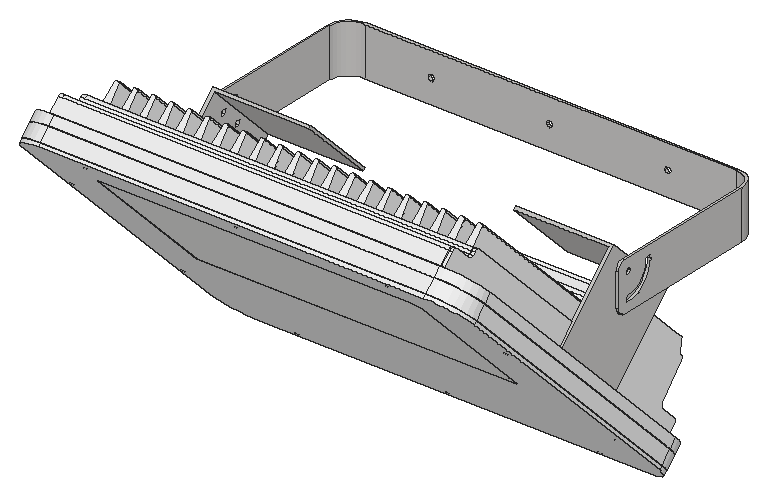
Revit family "FT ATEX LED MAX_2021", category Luminarias, Revit 2021 (continued)
Types (12, lengths in mm): name | Wattage | Power | Position | Archivo de red fotométrica | built-in parameter 1150142 | Modules | Lumens | built-in parameter 1150105 | built-in parameter 1150106 | Equiv MH
    5244.071\t5048.3585\t4556.5132\t3798.8748\r\n2895.9476\t2015.4548\t1387.0807\t999.5015\t747.81\t577.0957\t0\t0\t0\t0\r\n0\t0\t0\t0\t0\t0\t0\t0\t0\t0\r\n0\t0\t0\t0\t0\t0\t0\t0\t0\t0\r\n0\t0\t0\t0\t0\t0\t0\t0\t0\t0\r\n0\t0\t0\t0\t0\t0\t0\t0\t0\t0\r\n0\r\n1590.485\t1584.9299\t1584.9299\t1590.485\t1597.9631\t1608.6461\t1614.415\t1629.7985\t1637.2766\t1647.9596\r\n1656.9333\t1670.8212\t1697.1014\t1732.9963\t1785.343\t1848.3727\t1926.1449\t2002.4215\t2079.3391\t2162.0255\r\n2243.8573\t2331.4579\t2414.999\t2507.5138\t2604.0881\t2722.6694\t2849.5834\t3010.0421\t3200.8405\t3432.4479\r\n3709.1376\t4000.5698\t4309.3085\t4628.5166\t4947.7246\t5212.2357\t5287.444\t5088.5266\t4590.9124\t3826.2233\r\n2899.5799\t1999.003\t1366.9967\t983.9043\t734.3494\t564.917\t0\t0\t0\t0\r\n0\t0\t0\t0\t0\t0\t0\t0\t0\t0\r\n0\t0\t0\t0\t0\t0\t0\t0\t0\t0\r\n0\t0\t0\t0\t0\t0\t0\t0\t0\t0\r\n0\t0\t0\t0\t0\t0\t0\t0\t0\t0\r\n0\r\n1590.2714\t1585.3572\t1585.5709\t1590.9124\t1598.3905\t1609.0735\t1616.7652\t1629.7985\t1637.7039\t1649.4552\r\n1658.4289\t1673.1715\t1697.1014\t1732.1416\t1784.2747\t1847.9453\t1926.5722\t2002.4215\t2082.9713\t2164.3758\r\n2250.4808\t2337.6541\t2421.8361\t2516.4875\t2615.4121\t2734.207\t2863.8986\t3027.9895\t3220.4972\t3460.651\r\n3739.4773\t4034.1145\t4341.1439\t4662.4885\t4987.0381\t5251.7628\t5343.2093\t5166.7261\t4688.3414\t3903.5682\r\n2935.2611\t2000.2849\t1358.023\t971.7257\t724.0937\t556.5843\t0\t0\t0\t0\r\n0\t0\t0\t0\t0\t0\t0\t0\t0\t0\r\n0\t0\t0\t0\t0\t0\t0\t0\t0\t0\r\n0\t0\t0\t0\t0\t0\t0\t0\t0\t0\r\n0\t0\t0\t0\t0\t0\t0\t0\t0\t0\r\n0\r\n1589.8441\t1585.5709\t1586.4255\t1591.3397\t1598.8178\t1609.5008\t1619.3291\t1629.7985\t1638.1312\t1651.1645\r\n1660.1382\t1675.7354\t1697.1014\t1731.287\t1782.9927\t1847.7317\t1926.9995\t2002.4215\t2086.6036\t2166.9397\r\n2256.8906\t2343.6365\t2428.8869\t2525.4612\t2626.9497\t2745.7447\t2878.2139\t3046.1506\t3240.1539\t3489.0678\r\n3769.817\t4067.6591\t4372.9792\t4696.4605\t5026.3515\t5291.5036\t5398.7609\t5244.9257\t4785.5567\t3980.9131\r\n2970.7286\t2001.5669\t1349.0492\t959.3334\t713.8381\t548.4652\t0\t0\t0\t0\r\n0\t0\t0\t0\t0\t0\t0\t0\t0\t0\r\n0\t0\t0\t0\t0\t0\t0\t0\t0\t0\r\n0\t0\t0\t0\t0\t0\t0\t0\t0\t0\r\n0\t0\t0\t0\t0\t0\t0\t0\t0\t0\r\n0\r\n1589.8441\t1586.4255\t1587.2801\t1593.049\t1599.6724\t1611.851\t1619.5428\t1630.6531\t1639.6268\t1652.4464\r\n1663.3431\t1677.6583\t1700.3063\t1732.5689\t1785.7703\t1852.2185\t1930.6318\t2010.1133\t2092.7997\t2177.8364\r\n2265.2233\t2351.1146\t2433.3737\t2529.5207\t2630.5819\t2745.9583\t2878.6412\t3042.7321\t3247.8457\t3500.8191\r\n3787.3372\t4093.0846\t4404.1736\t4722.9543\t5031.2657\t5282.1025\t5420.5542\t5309.2373\t4877.4305\t4070.223\r\n3030.1261\t2020.369\t1346.2717\t952.069\t711.7015\t546.7559\t0\t0\t0\t0\r\n0\t0\t0\t0\t0\t0\t0\t0\t0\t0\r\n0\t0\t0\t0\t0\t0\t0\t0\t0\t0\r\n0\t0\t0\t0\t0\t0\t0\t0\t0\t0\r\n0\t0\t0\t0\t0\t0\t0\t0\t0\t0\r\n0\r\n1589.8441\t1587.2801\t1588.1348\t1594.7582\t1600.3134\t1614.415\t1619.9701\t1631.5078\t1641.3361\t1653.5147\r\n1666.7617\t1679.7949\t1703.5112\t1733.8509\t1788.7615\t1856.7054\t1934.4776\t2017.805\t2098.9958\t2188.9467\r\n2273.3424\t2358.3791\t2437.8606\t2533.5803\t2634.4278\t2746.3856\t2879.0685\t3039.5272\t3255.7511\t3512.7841\r\n3804.8573\t4118.5102\t4435.3679\t4749.6618\t5036.1799\t5272.7015\t5442.1339\t5373.3353\t4969.0906\t4159.3192\r\n3089.5236\t2039.171\t1343.2804\t944.5909\t709.7785\t545.2603\t0\t0\t0\t0\r\n0\t0\t0\t0\t0\t0\t0\t0\t0\t0\r\n0\t0\t0\t0\t0\t0\t0\t0\t0\t0\r\n0\t0\t0\t0\t0\t0\t0\t0\t0\t0\r\n0\t0\t0\t0\t0\t0\t0\t0\t0\t0\r\n0\r\n1588.9894\t1587.7075\t1588.1348\t1595.8265\t1602.45\t1615.9106\t1624.457\t1634.2853\t1644.9683\t1655.224\r\n1669.1119\t1682.5725\t1706.0751\t1740.047\t1792.8211\t1863.1152\t1938.9645\t2022.7192\t2104.3373\t2192.3653\r\n2276.5473\t2359.661\t2440.2109\t2530.8027\t2634.6415\t2750.2315\t2884.8373\t3049.3555\t3267.5024\t3529.0222\r\n3825.3686\t4143.9357\t4462.2891\t4771.0278\t5058.6142\t5315.6471\t5496.6172\t5426.323\t5028.0608\t4215.0845\r\n3125.4185\t2047.7174\t1336.4433\t936.4718\t704.8643\t543.9784\t0\t0\t0\t0\r\n0\t0\t0\t0\t0\t0\t0\t0\t0\t0\r\n0\t0\t0\t0\t0\t0\t0\t0\t0\t0\r\n0\t0\t0\t0\t0\t0\t0\t0\t0\t0\r\n0\t0\t0\t0\t0\t0\t0\t0\t0\t0\r\n0\r\n1588.1348\t1588.1348\t1588.1348\t1597.1085\t1604.5866\t1617.6199\t1629.1575\t1637.2766\t1648.6006\t1656.9333\r\n1671.6758\t1685.5637\t1708.4254\t1746.0295\t1796.8806\t1869.7387\t1943.4514\t2027.6334\t2109.6788\t2195.5702\r\n2279.7522\t2360.943\t2442.7748\t2527.8115\t2635.0688\t2753.8637\t2890.6061\t3059.1839\t3279.4673\t3545.474\r\n3845.88\t4169.1476\t4489.2103\t4792.1801\t5081.2621\t5358.5928\t5551.1005\t5479.097\t5086.8173\t4270.8497\r\n3161.527\t2056.4775\t1329.3925\t928.3527\t699.9502\t542.6964\t0\t0\t0\t0\r\n0\t0\t0\t0\t0\t0\t0\t0\t0\t0\r\n0\t0\t0\t0\t0\t0\t0\t0\t0\t0\r\n0\t0\t0\t0\t0\t0\t0\t0\t0\t0\r\n0\t0\t0\t0\t0\t0\t0\t0\t0\t0\r\n0\r\n1589.8441\t1588.1348\t1590.2714\t1598.3905\t1607.7915\t1621.6794\t1631.9351\t1641.3361\t1651.1645\t1660.1382\r\n1672.9578\t1686.4184\t1710.9893\t1747.3115\t1802.2221\t1872.0889\t1948.7929\t2032.1203\t2113.3111\t2195.9975\r\n2278.2566\t2360.943\t2445.125\t2532.7256\t2639.5556\t2756.6413\t2895.9476\t3065.38\t3287.1591\t3554.4478\r\n3857.4176\t4184.3174\t4510.5763\t4826.1521\t5140.8733\t5436.1514\t5605.1564\t5525.2476\t5135.5318\t4304.8217\r\n3179.0471\t2051.777\t1317.6412\t914.0375\t686.0623\t531.7997\t0\t0\t0\t0\r\n0\t0\t0\t0\t0\t0\t0\t0\t0\t0\r\n0\t0\t0\t0\t0\t0\t0\t0\t0\t0\r\n0\t0\t0\t0\t0\t0\t0\t0\t0\t0\r\n0\t0\t0\t0\t0\t0\t0\t0\t0\t0\r\n0\r\n1591.3397\t1588.1348\t1592.1943\t1599.6724\t1610.9964\t1625.7389\t1634.7127\t1645.3957\t1653.5147\t1663.3431\r\n1674.0261\t1687.273\t1713.3395\t1748.5934\t1807.5636\t1874.6528\t1954.1344\t2036.8208\t2116.9433\t2196.4248\r\n2276.5473\t2360.943\t2447.689\t2537.6398\t2644.0425\t2759.6326\t2901.2891\t3071.3625\t3294.8509\t3563.4215\r\n3868.7416\t4199.4873\t4531.9423\t4860.124\t5200.6981\t5513.4963\t5659.2124\t5571.6118\t5184.2462\t4338.7936\r\n3196.7809\t2047.2901\t1305.6763\t899.7223\t672.1744\t520.6894\t0\t0\t0\t0\r\n0\t0\t0\t0\t0\t0\t0\t0\t0\t0\r\n0\t0\t0\t0\t0\t0\t0\t0\t0\t0\r\n0\t0\t0\t0\t0\t0\t0\t0\t0\t0\r\n0\t0\t0\t0\t0\t0\t0\t0\t0\t0\r\n0\r\n1590.2714\t1589.8441\t1593.049\t1600.7407\t1613.5603\t1626.5936\t1638.7722\t1647.9596\t1658.2153\t1668.6846\r\n1681.0769\t1696.6741\t1720.8176\t1757.9945\t1812.4778\t1880.849\t1957.3393\t2037.0344\t2116.516\t2192.3653\r\n2275.2653\t2361.7976\t2449.3982\t2543.836\t2651.9479\t2768.6063\t2906.8443\t3079.6952\t3298.2694\t3568.763\r\n3876.2197\t4212.5206\t4545.8302\t4884.6949\t5244.071\t5570.3299\t5713.4821\t5607.0794\t5195.3566\t4332.1702\r\n3179.9018\t2024.0012\t1289.2244\t889.4666\t664.6963\t515.7752\t0\t0\t0\t0\r\n0\t0\t0\t0\t0\t0\t0\t0\t0\t0\r\n0\t0\t0\t0\t0\t0\t0\t0\t0\t0\r\n0\t0\t0\t0\t0\t0\t0\t0\t0\t0\r\n0\t0\t0\t0\t0\t0\t0\t0\t0\t0\r\n0\r\n1588.9894\t1591.3397\t1593.9036\t1602.0227\t1615.9106\t1627.4482\t1643.0454\t1650.3098\t1662.7021\t1674.0261\r\n1687.914\t1706.0751\t1728.0821\t1767.3955\t1817.392\t1886.8315\t1960.5442\t2037.4618\t2116.0886\t2188.0921\r\n2274.197\t2362.4386\t2450.8939\t2550.0321\t2659.6397\t2777.58\t2912.6131\t3087.8143\t3301.4743\t3574.1045\r\n3883.4842\t4225.7675\t4559.7181\t4909.2658\t5287.444\t5627.1634\t5767.9654\t5642.7606\t5206.4669\t4325.5467\r\n3163.2363\t2000.7122\t1272.9863\t879.2109\t657.4318\t510.8611\t0\t0\t0\t0\r\n0\t0\t0\t0\t0\t0\t0\t0\t0\t0\r\n0\t0\t0\t0\t0\t0\t0\t0\t0\t0\r\n0\t0\t0\t0\t0\t0\t0\t0\t0\t0\r\n0\t0\t0\t0\t0\t0\t0\t0\t0\t0\r\n0\r\n1590.2714\t1591.3397\t1595.1856\t1604.1593\t1617.6199\t1632.3624\t1644.541\t1656.506\t1668.2573\t1681.0769\r\n1695.8194\t1710.9893\t1735.9875\t1773.1643\t1827.6476\t1895.1642\t1968.4496\t2042.8033\t2118.6526\t2195.1428\r\n2274.6244\t2362.4386\t2450.0392\t2549.6048\t2652.8026\t2769.8882\t2910.2629\t3088.2416\t3312.5846\t3587.9924\r\n3900.7906\t4232.1773\t4566.7688\t4918.6669\t5295.5631\t5618.617\t5744.6764\t5606.2247\t5150.2743\t4272.3454\r\n3119.436\t1978.9189\t1259.5257\t868.9552\t651.2357\t508.2971\t0\t0\t0\t0\r\n0\t0\t0\t0\t0\t0\t0\t0\t0\t0\r\n0\t0\t0\t0\t0\t0\t0\t0\t0\t0\r\n0\t0\t0\t0\t0\t0\t0\t0\t0\t0\r\n0\t0\t0\t0\t0\t0\t0\t0\t0\t0\r\n0\r\n1591.3397\t1591.3397\t1596.2539\t1606.0822\t1619.3291\t1637.2766\t1646.2503\t1662.7021\t1674.0261\t1687.914\r\n1703.5112\t1715.9035\t1743.6793\t1778.9332\t1837.9033\t1903.2833\t1976.1413\t2048.1448\t2121.0028\t2202.1936\r\n2275.0517\t2362.4386\t2449.3982\t2549.1775\t2645.7518\t2761.9828\t2907.6989\t3088.669\t3323.695\t3601.8803\r\n3917.8834\t4238.8007\t4573.606\t4928.0679\t5303.8958\t5610.0706\t5721.3875\t5569.9025\t5094.2954\t4219.144\r\n3075.6357\t1957.3393\t1245.8515\t858.6995\t645.0395\t505.9469\t0\t0\t0\t0\r\n0\t0\t0\t0\t0\t0\t0\t0\t0\t0\r\n0\t0\t0\t0\t0\t0\t0\t0\t0\t0\r\n0\t0\t0\t0\t0\t0\t0\t0\t0\t0\r\n0\t0\t0\t0\t0\t0\t0\t0\t0\t0\r\n0\r\n1591.767\t1591.3397\t1598.8178\t1608.6461\t1622.1067\t1639.6268\t1652.4464\t1668.0436\t1680.2222\t1694.9648\r\n1708.8527\t1721.8859\t1748.5934\t1785.7703\t1842.3902\t1905.8472\t1977.4233\t2048.1448\t2121.4301\t2200.4843\r\n2275.0517\t2362.8659\t2450.0392\t2545.5452\t2645.7518\t2764.9741\t2912.6131\t3094.4378\t3330.1048\t3613.4179\r\n3928.5664\t4254.3979\t4586.6392\t4936.6143\t5276.761\t5550.6731\t5635.7098\t5450.0393\t4940.4602\t4059.9673\r\n2968.3784\t1932.7684\t1279.1824\t875.1514\t648.6718\t503.383\t0\t0\t0\t0\r\n0\t0\t0\t0\t0\t0\t0\t0\t0\t0\r\n0\t0\t0\t0\t0\t0\t0\t0\t0\t0\r\n0\t0\t0\t0\t0\t0\t0\t0\t0\t0\r\n0\t0\t0\t0\t0\t0\t0\t0\t0\t0\r\n0\r\n1592.1943\t1591.3397\t1601.168\t1610.9964\t1624.8843\t1642.1908\t1658.4289\t1673.1715\t1686.4184\t1702.0156\r\n1714.1942\t1728.0821\t1753.5076\t1792.8211\t1846.877\t1908.1975\t1978.7053\t2048.1448\t2121.8575\t2198.7751\r\n2275.0517\t2363.2933\t2450.8939\t2541.913\t2645.7518\t2767.7516\t2917.5273\t3100.2066\t3336.7282\t3624.9556\r\n3939.2494\t4269.9951\t4599.8861\t4945.3744\t5249.8399\t5491.2757\t5550.2458\t5329.9624\t4786.4113\t3900.7906\r\n2861.1211\t1908.1975\t1312.2997\t891.3895\t652.5176\t501.0327\t0\t0\t0\t0\r\n0\t0\t0\t0\t0\t0\t0\t0\t0\t0\r\n0\t0\t0\t0\t0\t0\t0\t0\t0\t0\r\n0\t0\t0\t0\t0\t0\t0\t0\t0\t0\r\n0\t0\t0\t0\t0\t0\t0\t0\t0\t0\r\n0\r\n1600.0997\t1600.7407\t1608.2188\t1621.2521\t1634.2853\t1656.0787\t1674.0261\t1692.8282\t1707.5707\t1723.5952\r\n1737.9104\t1752.2257\t1776.7966\t1810.7685\t1862.2606\t1921.2307\t1988.5336\t2054.3409\t2123.9941\t2197.4931\r\n2272.0604\t2357.9518\t2448.1163\t2536.9988\t2640.4103\t2757.0686\t2898.2979\t3070.7215\t3297.4148\t3580.7279\r\n3892.4579\t4226.1948\t4562.0683\t4917.8122\t5260.9502\t5533.794\t5629.3\t5458.5857\t4933.8367\t4073.0006\r\n3044.4413\t2063.7419\t1410.797\t955.7012\t687.1306\t515.7752\t0\t0\t0\t0\r\n0\t0\t0\t0\t0\t0\t0\t0\t0\t0\r\n0\t0\t0\t0\t0\t0\t0\t0\t0\t0\r\n0\t0\t0\t0\t0\t0\t0\t0\t0\t0\r\n0\t0\t0\t0\t0\t0\t0\t0\t0\t0\r\n0" | "6" | 20100 lm | 1599.5 (stored number, unit not read) | 15.995 (stored number, unit not read) | 250 W
